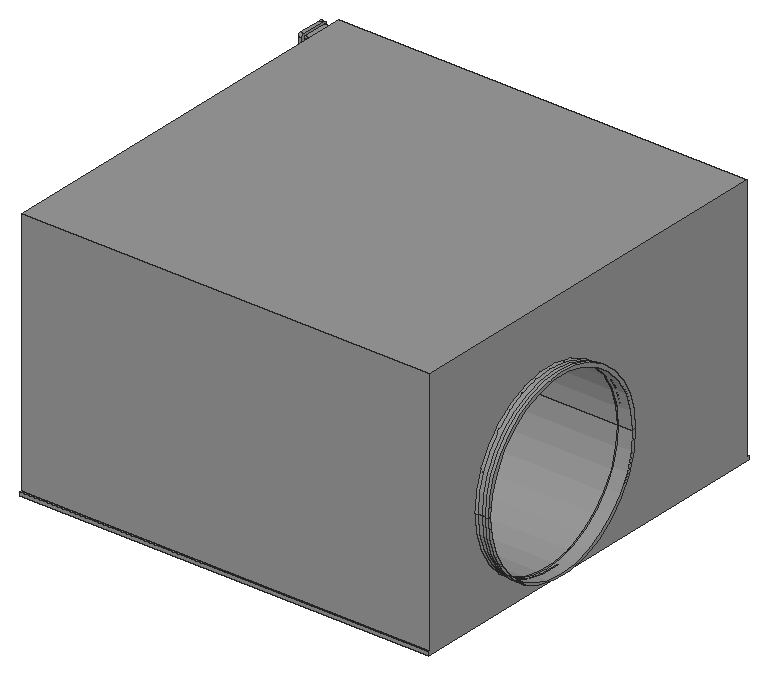
Revit family "IRB 500 B3 ErP AC_7890118", category Mechanical Equipment, Revit 2014
Parameters (values of type "IRB 500 B3 ErP AC")
  Wiring diagram = "Y 4040004 / Δ 4040003"
  Width = 1214 mm
  Weight = 87.00 kg
  Voltage range = "380-415 V"
  Voltage = 400 V
  Speed = "890 rpm"
  Sound pressure level at 3 m = "52 dB(A)"
  Power = 611 W
  Phase = 3
  Max. temperature of transported air when speed controlled = 60 °C
  Max. temperature of transported air = 60 °C
  Main Material = Steel, Galvanized
  Height = 1108 mm
  Frequency = 50 Hz
  Elevation [instance] = 2600 mm
  Diameter = 500 mm
  Description = "Insulated duct fans with circular connections"
  Depth = 697 mm
  Current = 1.42 A
  Capacitor = "- µF"
Reference planes
  plane 1 "Center (Front/Back)": y = 0
  plane 2: z = 0
  plane 3 "Center (Left/Right)": x = 0
  plane 4: z = 2600
Dimensions and locks
  "Elevation": plane 4 to plane 2
  aligned and locked: level to plane 2
  aligned and locked: plane 3 "Center (Left/Right)" to nested 1
  aligned and locked: plane 1 "Center (Front/Back)" to nested 1
  aligned and locked: nested 1 to nested 2  (x2)
  aligned and locked: nested 1 to plane 4
Nested families
  nested 1: "IRB" at (0, 0, 2600), type "IRB"
  nested 2: "Flow direction symbol" at (0, 0, 0), type "Flow direction symbol"
Connectors
  electrical at (-607, 502.5, 3245.5), driven by "Phase", driven by "Voltage", driven by "Power"
    settings: on nested 1, index 1, voltage 400 V, apparent load 0 VA, apparent load phase1 611 VA, apparent load phase2 0 VA, apparent load phase3 0 VA, power factor 1, load classification "Other", number of poles 3, system type 31, power factor state 1, is connector primary yes, connector utility no, sub classification motor no, connector description ""
  hvac at (-607, -144.5, 2886), driven by "Diameter"
    settings: on nested 1, index 4, duct flow 0.0 L/s, flow factor 0, pres drop 0.0 Pa, loss coef 0, conn angle 0.00°, conn width 304.8 mm, conn height 304.8 mm, conn diameter 500 mm, duct sys type 1, conn prof type 0, flow config 0, flow direction 1, loss method 0, conn ref index -1, conn util no, is conn primary yes, conn desc ""
  hvac at (599, -144, 2886), driven by "Diameter"
    settings: on nested 1, index 5, duct flow 0.0 L/s, flow factor 0, pres drop 0.0 Pa, loss coef 0, conn angle 0.00°, conn width 304.8 mm, conn height 304.8 mm, conn diameter 500 mm, duct sys type 3, conn prof type 0, flow config 0, flow direction 2, loss method 0, conn ref index -1, conn util no, is conn primary no, conn desc ""
Definition of nested family "IRB"
  Parameters (values of type "IRB")
    Width = 1214 mm
    Main Material = Steel, Galvanized
    Height = 1108 mm
    Description = ""
    Depth = 697 mm
  Reference planes
    plane 1 "Center (Front/Back)": y = 0
    plane 2: z = 0
    plane 3 "Center (Left/Right)": x = 0
    plane 4: z = 697
    plane 5 "Horizontal Pipe Axis": z = 446
    plane 6: z = 10
    plane 7: z = 687
    plane 8: x = -565.5
    plane 9: x = 565.5
    plane 10: x = -607
    plane 11: x = 607
    plane 12: y = 554
    plane 13: y = -554
    plane 14: y = 544
    plane 15: x = -597
    plane 16: y = -144
    plane 17: z = 286
  Forms (mm)
    Extrusion 1, solid, material "Steel, Galvanized" <- "Main Material", detail levels medium+fine
      sketch origin (0, 0, 0) x (0, 1, 0) y (0, 0, 1)
        loop
          line (-554, 0) -> (554, 0) -> (554, 10) -> (549, 10) -> (549, 11) -> (549, 697) -> (-549, 697) -> (-549, 10) -> (-554, 10) -> (-554, 0)
      from -565.5 to 565.5
    Extrusion 2, void
      sketch origin (0, 64.5, -161.869) x (0, 1, 0) y (0, 0, 1)
        loop
          circle (-209.5, 446.497) r 247
      from -1429.857 to 1385.5
    Extrusion 3, solid, material "Steel, Galvanized" <- "Main Material", detail levels coarse
      sketch origin (0, 0, 0) x (0, 1, 0) y (0, 0, 1)
        loop
          line (554, 697) -> (-554, 697) -> (-554, 0) -> (554, 0) -> (554, 697)
      from -565.5 to 565.5
    Sweep 4, solid, material "Plastic, Opaque White", detail levels fine
      path origin (0, 0, 0) x (1, 0, 0) y (0, 1, 0)
        loop
          line (-597, 544) -> (-607, 544)
      profile origin (-602, 544, 0) x (0, -1, 0) y (0, 0, 1)
        loop
          arc (8.073, 687) -> (2.365, 684.635) -> (0, 678.927) r 8.073
          line (0, 678.927) -> (0, 612.073)
          arc (0, 612.073) -> (2.365, 606.365) -> (8.073, 604) r 8.073
          line (8.073, 604) -> (74.927, 604)
          arc (74.927, 604) -> (80.635, 606.365) -> (83, 612.073) r 8.073
          line (83, 612.073) -> (83, 678.927)
          arc (83, 678.927) -> (80.635, 684.635) -> (74.927, 687) r 8.073
          line (74.927, 687) -> (8.073, 687)
    Sweep 5, solid, material "Plastic, Opaque White", detail levels fine
      path origin (0, 0, 0) x (1, 0, 0) y (0, 1, 0)
        loop
          line (-597, 502.5) -> (-565.5, 502.5)
      profile origin (-581.25, 502.5, 0) x (0, 1, 0) y (0, 0, 1)
        loop
          line (33.427, 682) -> (-33.427, 682)
          arc (-33.427, 682) -> (-35.6, 681.1) -> (-36.5, 678.927) r 3.073
          line (-36.5, 678.927) -> (-36.5, 612.073)
          arc (-36.5, 612.073) -> (-35.6, 609.9) -> (-33.427, 609) r 3.073
          line (-33.427, 609) -> (33.427, 609)
          arc (33.427, 609) -> (35.6, 609.9) -> (36.5, 612.073) r 3.073
          line (36.5, 612.073) -> (36.5, 678.927)
          arc (36.5, 678.927) -> (35.6, 681.1) -> (33.427, 682) r 3.073
    Extrusion 6, void, detail levels medium+fine
      sketch origin (0, 64.5, -123.605) x (0, 1, 0) y (0, 0, 1)
        loop
          circle (-209.5, 407.499) r 248
      from -809.837 to 891.662
    Extrusion 7, solid, material "Steel, Galvanized" <- "Main Material", detail levels coarse
      sketch origin (0, 66, -116.163) x (0, 1, 0) y (0, 0, -1)
        loop
          circle (-208.916, -402.799) r 249
      from 565.5 to 607
    Extrusion 8, void
      sketch origin (0, 64.5, -122.872) x (0, 1, 0) y (0, 0, 1)
        loop
          circle (-209.5, 407.499) r 248
      from -809.837 to 700
    Revolve 9, solid, material "Steel, Galvanized" <- "Main Material", detail levels medium+fine
      sketch origin (0, 34.5, 286) x (-1, 0, 0) y (0, -1, 0)
        loop
          line (607, -75.416) -> (607, 178.5) -> (565.5, 178.5) -> (565.5, -71.416)
          arc (565.5, -71.416) -> (569.75, -73.416) -> (574, -71.416) r 5.516
          line (574, -71.416) -> (589, -71.416) -> (589, -73.416) -> (599, -73.416) -> (599, -75.416) -> (607, -75.416)
        axis (565.5, 178.5) -> (607, 178.5)
      angle from 0 to 360
    Extrusion 10, solid, material "Steel, Galvanized" <- "Main Material", detail levels coarse
      sketch origin (0, 66, -116.163) x (0, 1, 0) y (0, 0, 1)
        loop
          circle (-208.916, 402.799) r 249
      from 565.5 to 607
    Revolve 11, solid, material "Steel, Galvanized" <- "Main Material", detail levels medium+fine
      sketch origin (0, 34.5, 286) x (1, 0, 0) y (0, 1, 0)
        loop
          line (607, 75.416) -> (599, 75.416) -> (599, 73.416) -> (589, 73.416) -> (589, 71.416) -> (574, 71.416)
          arc (574, 71.416) -> (569.75, 73.416) -> (565.5, 71.416) r 5.516
          line (565.5, 71.416) -> (565.5, -178.5) -> (607, -178.5) -> (607, 75.416)
        axis (565.5, -178.5) -> (607, -178.5)
      angle from 0 to 360
  Cuts and joins
    Extrusion 2 cuts Extrusion 1
    joined: Sweep 4, Sweep 5
    Extrusion 6 cuts Extrusion 3
    Extrusion 8 cuts Revolve 9
    Extrusion 2 cuts Revolve 11
  Dimensions and locks
    equal spacing: plane 10, plane 3 "Center (Left/Right)", plane 11
    "Width": plane 10 to plane 11
    "Depth": plane 4 to level
    locked: plane 12 to plane 14 at 10
    locked: plane 4 to plane 7 at 10
    locked: plane 10 to plane 15 at 10
    locked: plane 10 to plane 8 at 41.5
    locked: plane 9 to plane 11 at 41.5
    locked: Sweep 5 sketch curve to plane 7 at 5
    locked: plane 14 to Sweep 5 sketch curve at 5
    plane 4 to plane 5 "Horizontal Pipe Axis" = 251 mm
    equal spacing: plane 12, plane 1 "Center (Front/Back)", plane 13
    "Height": plane 12 to plane 13
    aligned and locked: level to plane 2
    aligned and locked: Extrusion 1 sketch curve to plane 13
    aligned and locked: plane 2 to Extrusion 1 sketch curve
    aligned and locked: Extrusion 1 sketch curve to plane 12
    aligned and locked: Extrusion 1 to plane 9
    aligned and locked: Extrusion 1 to plane 8
    aligned and locked: plane 4 to Extrusion 3 sketch curve
    aligned and locked: plane 12 to Extrusion 3 sketch curve
    aligned and locked: Extrusion 3 to plane 8
    aligned and locked: Extrusion 3 to plane 9
    aligned and locked: plane 10 to Sweep 4 sketch curve
    aligned and locked: plane 15 to Sweep 4 sketch curve
    aligned and locked: Sweep 4 sketch curve to plane 7
    aligned and locked: Sweep 4 sketch curve to plane 14
    aligned and locked: plane 8 to Sweep 5 sketch curve
    aligned and locked: plane 15 to Sweep 5 sketch curve
  Automatic sketch dimensions
    Extrusion 1 sketch curve to plane 4 = 0 mm
    Extrusion 1 sketch curve to plane 6 = 0 mm  (x2)
    Extrusion 1 sketch curve to plane 13 = 5 mm
    Extrusion 1 sketch curve to plane 12 = 5 mm
    Extrusion 1 sketch curve to Extrusion 1 sketch curve = 1 mm
    Extrusion 2 sketch curve to plane 16 = 1 mm
    Extrusion 2 sketch curve to plane 17 = 1.372 mm
    Extrusion 3 sketch curve to plane 13 = 0 mm
    Extrusion 3 sketch curve to level = 0 mm
    Sweep 4 sketch curve to plane 14 = 0 mm
    Sweep 4 sketch curve to profile plane = 8.073 mm  (x2)
    Sweep 4 sketch curve to Sweep 4 sketch curve = 66.854 mm  (x3)
    Sweep 4 sketch curve to Sweep 4 sketch curve = 8.073 mm
    Sweep 5 sketch curve to plane 14 = 41.5 mm
    Sweep 5 sketch curve to Sweep 5 sketch curve = 3.073 mm  (x3)
    profile plane to Sweep 5 sketch curve = 33.427 mm  (x2)
    Sweep 5 sketch curve to Sweep 5 sketch curve = 66.854 mm
    Extrusion 6 sketch curve to plane 16 = 1 mm
    Extrusion 6 sketch curve to plane 17 = 2.106 mm
    plane 16 to Extrusion 7 sketch curve = 1.084 mm
    plane 17 to Extrusion 7 sketch curve = 0.636 mm
    Extrusion 8 sketch curve to plane 16 = 1 mm
    Extrusion 8 sketch curve to plane 17 = 1.372 mm
    Revolve 9 sketch curve to plane 8 = 0 mm  (x2)
    Revolve 9 sketch curve to plane 10 = 0 mm
    Revolve 9 sketch curve to plane 16 = 0 mm  (x2)
    Revolve 9 sketch curve to plane 8 = 4.25 mm
    Revolve 9 sketch curve to Revolve 9 sketch curve = 4.25 mm
    plane 15 to Revolve 9 sketch curve = 8 mm
    Revolve 9 sketch curve to plane 15 = 2 mm
    Revolve 9 sketch curve to plane 1 "Center (Front/Back)" = 102.4 mm
    Revolve 9 sketch curve to Revolve 9 sketch curve = 3.515 mm
    Revolve 9 sketch curve to Revolve 9 sketch curve = 2 mm  (x2)
    Revolve 9 sketch curve to Revolve 9 sketch curve = 93.5 mm
    plane 16 to Extrusion 10 sketch curve = 1.084 mm
    plane 17 to Extrusion 10 sketch curve = 0.636 mm
    Revolve 11 sketch curve to plane 9 = 0 mm  (x2)
    Revolve 11 sketch curve to plane 11 = 0 mm
    Revolve 11 sketch curve to plane 16 = 0 mm  (x2)
    Revolve 11 sketch curve to plane 9 = 4.25 mm
    Revolve 11 sketch curve to Revolve 11 sketch curve = 4.25 mm
    Revolve 11 sketch curve to Revolve 11 sketch curve = 15 mm
    plane 11 to Revolve 11 sketch curve = 8 mm
    Revolve 11 sketch curve to plane 1 "Center (Front/Back)" = 102.4 mm
    Revolve 11 sketch curve to Revolve 11 sketch curve = 3.515 mm
    Revolve 11 sketch curve to Revolve 11 sketch curve = 2 mm  (x2)
    Revolve 11 sketch curve to Revolve 11 sketch curve = 93.5 mm
    radius of Extrusion 2 sketch curve = 247 mm
    radius of Extrusion 6 sketch curve = 248 mm
    radius of Extrusion 7 sketch curve = 249 mm
    radius of Extrusion 8 sketch curve = 248 mm
    radius of Extrusion 10 sketch curve = 249 mm
Definition of nested family "Flow direction symbol"
  Parameters (values of type "Flow direction symbol")
    Warning = "!"
    Text = "DIMENSIONS OVERCONSTRAINT"
  Reference planes
    plane 1: y = 0
    plane 2: x = 0
  Lines and regions (mm)
    detail lines
      curve 1: line (-0.506, 0.877, 0) -> (-0.506, -0.877, 0)
      curve 2: line (1.012, 0, 0) -> (-0.506, -0.877, 0)
      curve 3: line (-0.506, 0.877, 0) -> (1.012, 0, 0)
      curve 4: circle (0, 0, 0) r 1 normal (0, 0, 1)
